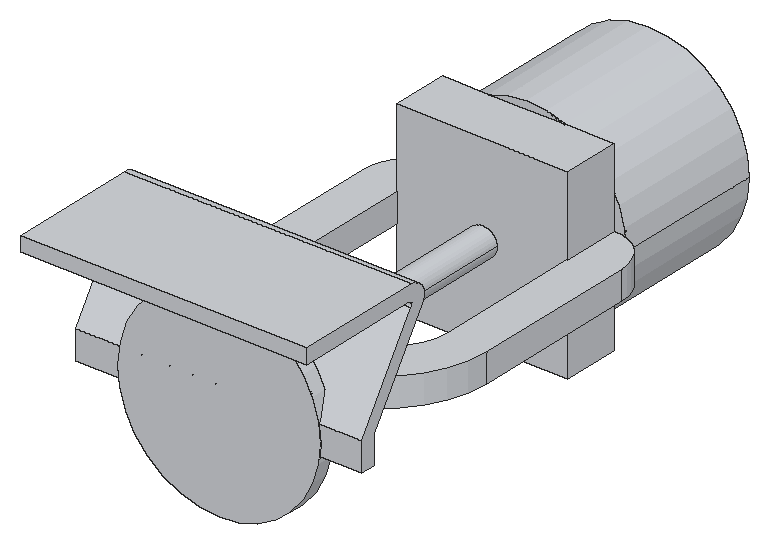
Revit family
Parameters (values of type "RASCO F1FR56 HSW")
  Temperature Rating = 155 °F
  Response = 1
  RASCO SIN # = "RA1435"
  RASCO Part # = "F1FR56H1W"
  Pressure Rating = "175 PSI"
  Pressure Class = (empty or 0)
  Orifice Size = 1/2"
  Orifice = (empty or 0)
  Model = "F1FR56"
  Manufacturer = "RASCO"
  K-Factor = 5.6
  Description = "White Finish"
  Coverage = (empty or 0)
Reference planes (in)
  plane 1 "Center (Front/Back)": y = 0
  plane 2: z = 0
  plane 3 "Center (Left/Right)": x = 0
Dimensions and locks (in)
  aligned and locked: plane 2 to level
Nested families (in)
  nested 1: "F1FR56H1W" at (0, 0, -0.61292), type "RASCO F1FR56 HSW"
Connectors (in)
  piping at (-0.01236, 1.34926, 0.64292)
    settings: on nested 1, index 1, connector radius 115/256", flow factor 0, pipe flow 0 GPM, pressure drop 0.00 psi, fitting loss kfactor 0, connector angle 0.00°, fixture units 0, flow configuration 0, flow direction 0, fitting loss method 0, system type 7, connector reference index -1, connector utility 0, adjustable connector no, is connector primary yes, fitting loss table "", connector description ""
Definition of nested family "F1FR56H1W"
  Parameters (values of type "RASCO F1FR56 HSW")
    Type Comments = ""
    Temperature Rating = 0 °F
    Response = (empty or 0)
    Pressure Rating = "0"
    Pressure Class = (empty or 0)
    Orifice Size = 0"
    Orifice = (empty or 0)
    Model = ""
    Manufacturer = ""
    K-Factor = 0
    Description = ""
    Coverage = (empty or 0)
    Assembly Code = ""
  Reference planes (in)
    plane 1 "Center (Front/Back)": y = 0
    plane 2: z = 0
    plane 3 "ref.2": z = 0.6875
    plane 4 "ref.3": z = 0.9375
    plane 5: x = -0.38065
    plane 6: x = 0.36935
    plane 7 "ref. side 1": y = 0.06402
    plane 8 "ref. side 2": y = -0.06098
    plane 9 "ref.4": z = 1.875
    plane 10 "ref.5": z = 2.3125
    plane 11 "ref.6": z = 2.4375
    plane 12 "center": x = -0.00574
  Forms (in)
    Extrusion 1, solid
      sketch origin (-0.01236, 1.37309, 1.25584) x (-1, 0, 0) y (0, 0, -1)
        loop
          circle (0, 0) r 0.4379
      from 0.02383 to 0.6875
    Extrusion 2, solid
      sketch origin (0.10949, 0.68559, 1.20407) x (-1, 0, 0) y (0, 0, -1)
        loop
          line (-0.2588, 0.356) -> (-0.2588, -0.4565) -> (0.4912, -0.4565) -> (0.4912, 0.356) -> (-0.2588, 0.356)
      from 0 to 0.25
    Extrusion 3, solid
      sketch origin (-0.01236, 1.3722, 1.25584) x (-1, 0, 0) y (0, -1, 0)
        loop
          line (-0.38065, 0.68754) -> (-0.38065, 1.58397)
          arc (-0.38065, 1.58397) -> (-0.29541, 1.78976) -> (-0.08962, 1.875) r 0.29103
          line (-0.08962, 1.875) -> (0.07524, 1.875)
          arc (0.07524, 1.875) -> (0.28321, 1.78886) -> (0.36935, 1.58089) r 0.29411
          line (0.36935, 1.58089) -> (0.36935, 0.68751)
          arc (0.36935, 0.68751) -> (0.50207, 0.74393) -> (0.55685, 0.87734) r 0.18984
          line (0.55685, 0.87734) -> (0.55685, 1.61676)
          arc (0.55685, 1.61676) -> (0.42629, 1.93194) -> (0.11111, 2.0625) r 0.44574
          line (0.11111, 2.0625) -> (-0.12259, 2.0625)
          arc (-0.12259, 2.0625) -> (-0.43765, 1.932) -> (-0.56815, 1.61694) r 0.44556
          line (-0.56815, 1.61694) -> (-0.56815, 0.87876)
          arc (-0.56815, 0.87876) -> (-0.51345, 0.74486) -> (-0.38065, 0.68754) r 0.19126
      from -0.06402 to 0.06098
    Extrusion 4, solid
      sketch origin (-0.01236, 0.43559, 1.25584) x (1, 0, 0) y (0, 0, 1)
        loop
          circle (0.00574, -0.00152) r 0.0625
      from 0 to 0.9375
    Extrusion 5, solid
      sketch origin (-0.01236, -0.50191, 1.25584) x (1, 0, 0) y (0, 0, 1)
        loop
          circle (0.00574, -0.00152) r 0.1875
      from 0 to 0.4375
    Extrusion 6, solid
      sketch origin (-0.01236, -0.89954, 1.2504) x (-1, 0, 0) y (0, 0, 1)
        loop
          circle (-0.00574, -0.00152) r 0.44275
      from -0.10531 to -0.03987
    Extrusion 7, solid
      sketch origin (-0.00662, 1.2679, 1.26334) x (0, -1, 0) y (0, 0, 1)
        loop
          line (2.27263, -0.06402) -> (2.27263, 0.06098) -> (2.00466, 0.4658)
          arc (2.00466, 0.4658) -> (2.00382, 0.48409) -> (2.01953, 0.49348) r 0.01783
          line (2.01953, 0.49348) -> (2.57559, 0.49348) -> (2.57559, 0.55848) -> (2.00257, 0.55848)
          arc (2.00257, 0.55848) -> (1.94355, 0.52319) -> (1.9467, 0.4545) r 0.067
          line (1.9467, 0.4545) -> (2.20719, 0.06098) -> (2.20719, -0.06402) -> (2.27263, -0.06402)
      from -0.62515 to 0.62904
  Cuts and joins
    joined: Extrusion 1, Extrusion 2, Extrusion 4
